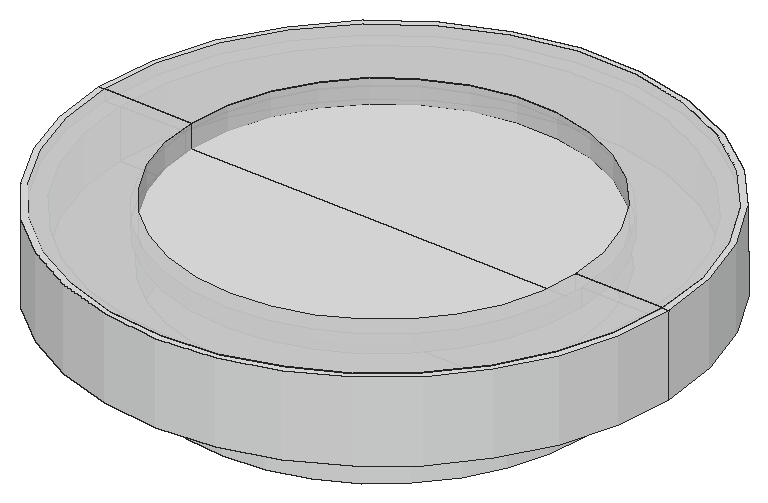
Revit family "0047817", category Lighting Fixtures, host Face, Revit 2016
Family settings
  Host = Face
  Part Type = Normal
  Round Connector Dimension = Use Diameter
  OmniClass Number = 23.80.70.11.17
  OmniClass Title = Specialized Lighting by Location or Use
  Cut with Voids When Loaded = No
  Light Source = Yes
  Shared = No
  Room Calculation Point = No
Parameters (values of type "0047817 VELITE WALL ROUND SENSOR WH 3000K")
  Weight = 0.88 kg
  Wattage = 12 W
  built-in parameter 1150110 = 1 (stored number, unit not read)
  Voltage Comments = "UNV (Universal Voltage; 230-240 Volt)"  # constant formula
  Voltage = 240 V  # constant formula
  URL = "http://www.sylvania-lighting.com/product/en-int/products/0047817"
  built-in parameter 1114217 = 1 (stored number, unit not read)
  Tilt Angle = -90.00°
  built-in parameter 1150109 = 1 (stored number, unit not read)
  built-in parameter 1150134 = (empty or 0)
  Ta Rating = "-20°C to +45°C"  # constant formula
  built-in parameter 1150113 = 1 (stored number, unit not read)
  Radius = 100.0 mm
  Product Page URL = "http://www.sylvania-lighting.com/product/en-int/products/0047817"
  Product Family = ""
  Photometry Comments = ""
  Photometric Web File = "0047817.ies"
  built-in parameter 1150105 = 296.03 (stored number, unit not read)
  Lumens = 830.04 lm
  built-in parameter 1150115 = 1 (stored number, unit not read)
  built-in parameter 1150137 = (empty or 0)
  built-in parameter 1150139 = (empty or 0)
  Life = "25 000h"  # constant formula
  built-in parameter 1150112 = 1 (stored number, unit not read)
  built-in parameter 1150114 = 1 (stored number, unit not read)
  Lamp Comments = "Integrated LED"  # constant formula
  built-in parameter 1150132 = 2
  built-in parameter 1150102 = (empty or 0)
  built-in parameter 1150107 = 3000 (stored number, unit not read)
  built-in parameter 1150138 = (empty or 0)
  built-in parameter 1150106 = 2.9603 (stored number, unit not read)
  IP Rating = "IP54"  # constant formula
  IK Rating = "IK05"  # constant formula
  Energy Class = "A++ A+ A"  # constant formula
  Emit from Circle Diameter = Diameter  # 200.0 mm
  Emit Shape Visible in Rendering = no
  Electrical Protection = "CLASS I"  # constant formula
  built-in parameter 1150104 = 6.4261 (stored number, unit not read)
  Drive Current = "300mA"
  Dimming Lamp Color Temperature Shift = <None>
  Diameter = Radius * 2  # 200.0 mm
  Color Filter = 16777215
  Catalog Number = "0047817 VELITE WALL ROUND SENSOR WH 3000K"
  Body Material = Aluminum_Sylvania_Velite_White_RAL 9016
  built-in parameter 1114218 = 1 (stored number, unit not read)
  built-in parameter 1150133 = 10 (stored number, unit not read)
  Height = 50.0 mm
  built-in parameter 1114216 [instance] = 1 (stored number, unit not read)
  Model = "0047817 VELITE WALL ROUND SENSOR WH 3000K"
  Manufacturer = "Feilo Sylvania"  # constant formula
  Lamp = "LED"
  Diffuser Material = Polycarbonate_Sylvania_Velite_Clear
  Description = "A range of sleek and stylish Outdoor LED luminaires.Velite is perfect for lighting courtyards, gardens and exterior entrances.Design  meets IK05 requirements.Available in various shapes, sizes and colours of die cast aluminium luminaires.Range includes bollards and various wall mounted direct and direct/indirect luminaires.High efficient thermal design: ta -20 to +45oC.High performance: delivers up to 830 lm (luminaire lumen output), and up to 71lm/W (total system efficiency).Available in warm white (3,000K).Energy class: A++, A+, A.Lifetime: 30,000 hours life at 70% of the original output L70."  # constant formula
  Default Elevation = 0.0 mm
  built-in parameter 1140040 [instance] = 1
  Assembly Code = "D5020200"
  Apparent Load Comments = ""
  Apparent Load = 12 VA
Reference planes
  plane 1 "Center (Front/Back)": y = 0
  plane 2 "Fixture Top": z = 0
  plane 3 "Center (Left/Right)": x = 0
  plane 4: z = 22
  plane 5 "Fixture Bottom": z = 50
  plane 6: z = 5
  plane 7: z = 7
  plane 8: z = 29.5
  plane 9: z = 46.5
  plane 10: x = -100
  plane 11: x = -70.5
  plane 12: x = -68.5
  plane 13: x = -98
  plane 14: x = -92.5
  plane 15: x = -67.5
  plane 16: z = 40
  plane 17: x = -69.5
  plane 18: z = 42
Forms (mm)
  Revolve 1, solid, material "Aluminum_Sylvania_Velite_White_RAL 9016" <- "Body Material", detail levels fine
    sketch origin (0, 0, 0) x (1, 0, 0) y (0, 0, 1)
      loop
        line (-68.5, 0) -> (-68.5, 5) -> (0, 5) -> (0, 7) -> (-68.5, 7) -> (-68.5, 29.5) -> (-92.5, 29.5) -> (-92.5, 46.5) -> (-98, 46.5) -> (-98, 50) -> (-100, 50) -> (-100, 22) -> (-70.5, 22) -> (-70.5, 0) -> (-68.5, 0)
      axis (0, 50) -> (0, 0)
    angle from 0 to 360
  Revolve 2, solid, material "Polycarbonate_Sylvania_Velite_Clear" <- "Diffuser Material", detail levels fine
    sketch origin (0, 0, 0) x (1, 0, 0) y (0, 0, 1)
      loop
        line (-98, 50) -> (-98, 46.5) -> (-69.5, 46.5) -> (-69.5, 40) -> (-67.5, 40) -> (-67.5, 50) -> (-98, 50)
      axis (0, 50) -> (0, 40)
    angle from 0 to 360
  Revolve 3, solid, material "Aluminum_Sylvania_Velite_White_RAL 9016" <- "Body Material", detail levels fine
    sketch origin (0, 0, 0) x (1, 0, 0) y (0, 0, 1)
      loop
        line (-67.5, 42) -> (-67.5, 40) -> (0, 40) -> (0, 42) -> (-67.5, 42)
      axis (0, 42) -> (0, 40)
    angle from 0 to 360
  Revolve 4, solid, material "Aluminum_Sylvania_Velite_White_RAL 9016" <- "Body Material", detail levels coarse+medium
    sketch origin (0, 0, 0) x (1, 0, 0) y (0, 0, 1)
      loop
        line (-67.5, 50) -> (-100, 50) -> (-100, 22) -> (-70.5, 22) -> (-70.5, 0) -> (0, 0) -> (0, 42) -> (-67.5, 42) -> (-67.5, 50)
      axis (0, 50) -> (0, 0)
    angle from 0 to 360
Dimensions and locks
  "Height": plane 5 "Fixture Bottom" to plane 2 "Fixture Top"
  "Radius": plane 3 "Center (Left/Right)" to plane 10
  plane 15 to plane 12 to plane 17 to plane 11 to plane 14 to plane 13 to plane 10 = 1.0 mm locked, 1.0 mm locked, 1.0 mm locked, 22.0 mm locked, 5.5 mm locked, 2.0 mm locked
  plane 7 to plane 6 to plane 2 "Fixture Top" = 2.0 mm locked, 5.0 mm locked
  plane 5 "Fixture Bottom" to plane 9 to plane 18 to plane 16 to plane 8 to plane 4 = 3.5 mm locked, 4.5 mm locked, 2.0 mm locked, 10.5 mm locked, 7.5 mm locked
  aligned and locked: host face to plane 2 "Fixture Top"
  aligned and locked: level to host face
  aligned and locked: imposter light to plane 1 "Center (Front/Back)"
  aligned and locked: imposter light to plane 3 "Center (Left/Right)"
  aligned and locked: Revolve 1 sketch curve to plane 5 "Fixture Bottom"
  aligned and locked: plane 10 to Revolve 1 sketch curve
  aligned and locked: Revolve 1 sketch curve to plane 13
  aligned and locked: Revolve 1 sketch curve to plane 14
  aligned and locked: Revolve 1 sketch curve to plane 9
  aligned and locked: Revolve 1 sketch curve to plane 8
  aligned and locked: plane 4 to Revolve 1 sketch curve
  aligned and locked: plane 11 to Revolve 1 sketch curve
  aligned and locked: Revolve 1 sketch curve to plane 12  (x2)
  aligned and locked: Revolve 1 sketch curve to plane 7
  aligned and locked: plane 6 to Revolve 1 sketch curve
  aligned and locked: plane 2 "Fixture Top" to Revolve 1 sketch curve
  aligned and locked: imposter light to Revolve 1 sketch curve
  aligned and locked: Revolve 2 sketch curve to plane 15
  aligned and locked: plane 13 to Revolve 2 sketch curve
  aligned and locked: Revolve 2 sketch curve to plane 5 "Fixture Bottom"
  aligned and locked: plane 9 to Revolve 2 sketch curve
  aligned and locked: Revolve 2 sketch curve to plane 16
  aligned and locked: Revolve 2 sketch curve to plane 17
  aligned and locked: imposter light to Revolve 2 sketch curve
  aligned and locked: Revolve 3 sketch curve to plane 3 "Center (Left/Right)"  (x2)
  aligned and locked: plane 15 to Revolve 3 sketch curve
  aligned and locked: plane 16 to Revolve 3 sketch curve
  aligned and locked: Revolve 3 sketch curve to plane 18
  aligned and locked: imposter light to plane 5 "Fixture Bottom"
  aligned and locked: Revolve 4 sketch curve to plane 11
  aligned and locked: Revolve 4 sketch curve to plane 4
  aligned and locked: Revolve 4 sketch curve to plane 10
  aligned and locked: plane 5 "Fixture Bottom" to Revolve 4 sketch curve
  aligned and locked: Revolve 4 sketch curve to plane 15
  aligned and locked: Revolve 4 sketch curve to plane 18
  aligned and locked: Revolve 4 sketch curve to plane 2 "Fixture Top"
  aligned and locked: Revolve 4 sketch curve to plane 3 "Center (Left/Right)"  (x2)
Automatic sketch dimensions
  host sketch curve to host sketch curve = 447.379 mm
  host sketch curve to host sketch curve = 434.165 mm
  Revolve 1 sketch curve to plane 3 "Center (Left/Right)" = 0.0 mm
  Revolve 1 sketch curve to level = 30.295 mm
  plane 5 "Fixture Bottom" to Revolve 1 sketch curve = 21.633 mm
  Revolve 2 sketch curve to level = 16.662 mm
  plane 5 "Fixture Bottom" to Revolve 2 sketch curve = 26.574 mm
  plane 7 to Revolve 3 sketch curve = 4.59 mm
  plane 5 "Fixture Bottom" to Revolve 3 sketch curve = 26.59 mm
  Revolve 4 sketch curve to level = 50.413 mm
  plane 5 "Fixture Bottom" to Revolve 4 sketch curve = 39.587 mm
Connectors
  electrical at (0, 0, 0), driven by "Voltage", driven by "Apparent Load"
    settings: on Revolve 4, index 1, voltage 240 V, apparent load 0 VA, apparent load phase1 12 VA, apparent load phase2 0 VA, apparent load phase3 0 VA, power factor 1, load classification "Lighting", number of poles 1, system type 31, power factor state 1, is connector primary yes, connector utility no, sub classification motor no, connector description ""
